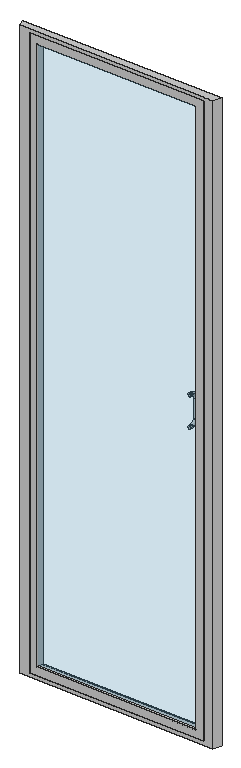
Revit family
Parameters (values of type "Shower Door")
  Wall Width [instance] = 2' - 3"
  TO Wall = 7' - 0"
  Swing Angle [instance] = 45.00°
  Frame Material = Alum Frame
  Door Width = 2' - 0"
  BO Wall = 0' - 4"
  Assembly Code = ""
  Angle End 1 [instance] = 67.50°
  Angle End 2 [instance] = 67.50°
Reference planes (in)
  plane 1 "Center (Front/Back)": y = 0
  plane 2: z = 0
  plane 3 "Center (Left/Right)": x = 0
  plane 4 "Outside Face": y = 0.5
  plane 5 "Inside Face": y = -0.5
  plane 6 "Left Jamb": x = -12
  plane 7 "Right Jamb": x = 12
  plane 8 "Left": x = -13.5
  plane 9 "Right": x = 13.5
  plane 10 "BO Wall": z = 4
  plane 11 "TO Wall": z = 84
Forms (in)
  Extrusion 1, solid, material "Alum Frame" <- "Frame Material"
    sketch origin (0, 0, 0) x (1, 0, 0) y (0, 1, 0)
      loop
        line (-12, -0.5) -> (-12, 0.5) -> (-13.70711, 0.5) -> (-13.29289, -0.5) -> (-12, -0.5)
      loop
        line (12, 0.5) -> (12, -0.5) -> (13.29289, -0.5) -> (13.70711, 0.5) -> (12, 0.5)
    from 4 to 84
  Extrusion 2, solid, material "Alum Frame" <- "Frame Material"
    sketch origin (0, 0, 0) x (1, 0, 0) y (0, 0, 1)
      loop
        line (-12, 83.5) -> (-12, 4.5) -> (12, 4.5) -> (12, 83.5) -> (-12, 83.5)
      loop
        line (-11, 82.5) -> (-11, 5.5) -> (11, 5.5) -> (11, 82.5) -> (-11, 82.5)
    from -0.5 to 0.5
  Extrusion 3, solid, material "Alum Frame" <- "Frame Material"
    sketch origin (0, 0, 0) x (1, 0, 0) y (0, 0, 1)
      loop
        line (-12, 84) -> (-12, 83.5) -> (12, 83.5) -> (12, 84) -> (-12, 84)
      loop
        line (-12, 4.5) -> (-12, 4) -> (12, 4) -> (12, 4.5) -> (-12, 4.5)
    from -0.5 to 0.5
  Extrusion 4, solid, material "Glass"
    sketch origin (0, 0, 0) x (1, 0, 0) y (0, 0, 1)
      loop
        line (-11, 82.5) -> (-11, 5.5) -> (11, 5.5) -> (11, 82.5) -> (-11, 82.5)
    from -0.25 to 0.25
Cuts and joins
  joined: Extrusion 1, Extrusion 3
Lines and regions (in)
  Masking region 1
    outline origin (0, 0, 4) x (-1, 0, 0) y (0, -1, 0)
      loop
        line (11.29289, 0.20711) -> (-5.67767, -16.76346) -> (-4.97056, -17.47056) -> (12, -0.5) -> (11.29289, 0.20711)
  reference lines
    curve 1: line (-13.5, 0, 0) -> (-18.7619, 12.70334, 0)
    curve 2: line (13.5, 0, 0) -> (17.90086, 10.62461, 0)
    curve 3: line (-12, 0.5, 4) -> (8.32932, 20.82932, 4)
  symbolic lines, style "Shower"
    curve 4: line (-13.70711, 0.5, 4) -> (13.70711, 0.5, 4)
    curve 5: line (13.29289, -0.5, 4) -> (-13.29289, -0.5, 4)
    curve 6: line (-12, 0.5, 4) -> (-12, -0.5, 4)
    curve 7: line (12, 0.5, 4) -> (12, -0.5, 4)
    curve 8: arc (12, 0.5, 4) -> (10.17311, 9.6844, 4) -> (4.97056, 17.47056, 4) r 24
    curve 9: line (-13.70711, 0.5, 4) -> (-13.29289, -0.5, 4)
    curve 10: line (13.70711, 0.5, 4) -> (13.29289, -0.5, 4)
Dimensions and locks (in)
  plane 5 "Inside Face" to plane 1 "Center (Front/Back)" to plane 4 "Outside Face" = 0' - 0 1/2" locked, 0' - 0 1/2" locked
  equal spacing: plane 6 "Left Jamb", plane 3 "Center (Left/Right)", plane 7 "Right Jamb"
  "Door Width": plane 6 "Left Jamb" to plane 7 "Right Jamb"
  equal spacing: plane 8 "Left", plane 3 "Center (Left/Right)", plane 9 "Right"
  "Wall Width": plane 8 "Left" to plane 9 "Right"
  "TO Wall": plane 11 "TO Wall" to level
  "BO Wall": plane 10 "BO Wall" to level
  locked: Extrusion 2 sketch curve to plane 6 "Left Jamb" at 1
  locked: Extrusion 2 sketch curve to plane 7 "Right Jamb" at 1
  plane 11 "TO Wall" to Extrusion 2 sketch curve to Extrusion 2 sketch curve = 0' - 0 1/2" locked, 0' - 1" locked
  Extrusion 2 sketch curve to Extrusion 2 sketch curve to plane 10 "BO Wall" = 0' - 1" locked, 0' - 0 1/2" locked
  locked: Extrusion 3 sketch curve to plane 10 "BO Wall" at 0.5
  locked: plane 11 "TO Wall" to Extrusion 3 sketch curve at 0.5
  locked: nested 1 to level at 42
  locked: nested 1 to plane 7 "Right Jamb" at 2.5
  locked: plane 1 "Center (Front/Back)" to nested 1 at 0.25
  locked: Masking region 1 sketch curve to curve 3 at 1
  "Door Width": Masking region 1 sketch curve to Masking region 1 sketch curve
  "Swing Angle": angle plane 4 "Outside Face" to curve 3
  "Angle End 1": angle curve 1 to plane 1 "Center (Front/Back)"
  "Angle End 2": angle plane 1 "Center (Front/Back)" to curve 2
  aligned and locked: plane 1 "Center (Front/Back)" to curve 1
  aligned and locked: plane 8 "Left" to curve 1
  aligned and locked: plane 1 "Center (Front/Back)" to curve 2
  aligned and locked: plane 9 "Right" to curve 2
  aligned and locked: Extrusion 1 sketch curve to plane 5 "Inside Face"  (x2)
  aligned and locked: Extrusion 1 sketch curve to plane 6 "Left Jamb"
  aligned and locked: plane 4 "Outside Face" to Extrusion 1 sketch curve  (x2)
  aligned and locked: Extrusion 1 sketch curve to curve 1
  aligned and locked: Extrusion 1 sketch curve to plane 7 "Right Jamb"
  aligned and locked: Extrusion 1 sketch curve to curve 2
  aligned and locked: Extrusion 1 to plane 10 "BO Wall"
  aligned and locked: plane 11 "TO Wall" to Extrusion 1
  aligned and locked: Extrusion 2 to plane 4 "Outside Face"
  aligned and locked: plane 5 "Inside Face" to Extrusion 2
  aligned and locked: plane 7 "Right Jamb" to Extrusion 2 sketch curve
  aligned and locked: plane 6 "Left Jamb" to Extrusion 2 sketch curve
  aligned and locked: plane 7 "Right Jamb" to Extrusion 3 sketch curve  (x2)
  aligned and locked: plane 6 "Left Jamb" to Extrusion 3 sketch curve  (x2)
  aligned and locked: plane 10 "BO Wall" to Extrusion 3 sketch curve
  aligned and locked: Extrusion 3 sketch curve to plane 11 "TO Wall"
  aligned and locked: Extrusion 3 to plane 4 "Outside Face"
  aligned and locked: plane 5 "Inside Face" to Extrusion 3
  aligned and locked: Extrusion 2 to Extrusion 4 sketch curve
  aligned and locked: Extrusion 4 sketch curve to Extrusion 2  (x3)
  aligned and locked: plane 7 "Right Jamb" to cut or joined group of Extrusion 1, Extrusion 3
  aligned and locked: plane 6 "Left Jamb" to cut or joined group of Extrusion 1, Extrusion 3
  aligned and locked: Extrusion 2 to plane 7 "Right Jamb"
  aligned and locked: Extrusion 2 to plane 6 "Left Jamb"
  aligned and locked: plane 4 "Outside Face" to curve 3
  aligned and locked: plane 6 "Left Jamb" to curve 3
  aligned and locked: curve 5 to plane 5 "Inside Face"
  aligned and locked: plane 4 "Outside Face" to curve 4
  aligned and locked: curve 6 to Extrusion 2
  aligned and locked: curve 7 to Extrusion 2
  aligned and locked: plane 4 "Outside Face" to Masking region 1 sketch curve
  aligned and locked: Masking region 1 sketch curve to curve 3
  aligned and locked: curve 3 to curve 8
  aligned and locked: plane 4 "Outside Face" to curve 7
  aligned and locked: curve 9 to curve 1
  aligned and locked: curve 2 to curve 4
  aligned and locked: curve 5 to curve 2
Automatic sketch dimensions
  plane 10 "BO Wall" to Extrusion 2 sketch curve = 0' - 1 1/2"
  plane 10 "BO Wall" to Extrusion 2 sketch curve = 0' - 0 1/2"
  curve 8 to plane 7 "Right Jamb" = 0' - 0"
  curve 8 to plane 6 "Left Jamb" = 0' - 0"
Nested families (in)
  nested 1: "Door Pull" at (9.5, 0.25, 42) x (-1, 0, 0) z (0, 0, 1), type "Door Pull"
Definition of nested family "Door Pull"
  Reference planes (in)
    plane 1 "Center (Front/Back)": y = 0
    plane 2: z = 0
    plane 3 "Center (Left/Right)": x = 0
  Forms (in)
    Sweep 1, solid, material "Alum Frame"
      path origin (0, 0, 0) x (0, 1, 0) y (0, 0, 1)
        loop
          line (0, 0) -> (-0.25, 0)
          arc (-0.25, 0) -> (-0.78033, 0.21967) -> (-1, 0.75) r 0.75
          line (-1, 0.75) -> (-1, 3.25)
          arc (-1, 3.25) -> (-0.78033, 3.78033) -> (-0.25, 4) r 0.75
          line (-0.25, 4) -> (0, 4)
      profile origin (0, -0.125, 0) x (0, 0, -1) y (1, 0, 0)
        loop
          circle (0, 0) r 0.1875
